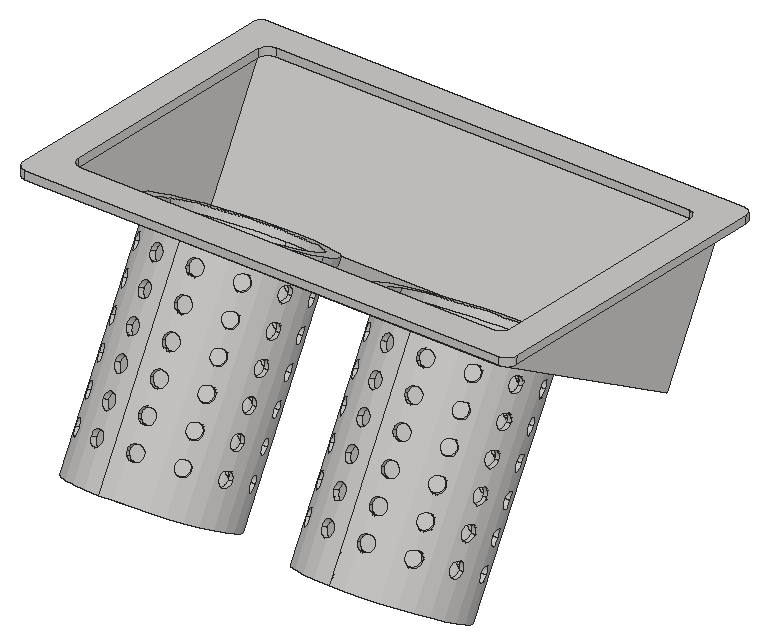
Revit family "QF_Vollrath_FMF-2", category Specialty Equipment, Revit 2016
Family settings
  Part Type = Normal
  Round Connector Dimension = Use Diameter
  OmniClass Number = 23.40.40.14.24
  OmniClass Title = Food Dispensing Equipment
  Work Plane-Based = Yes
  Always vertical = No
  Cut with Voids When Loaded = Yes
  Shared = No
  Room Calculation Point = No
Parameters
  Width = 12.12"
  Weight in Pounds = 0
  Watermarked By = ""
  URL Cutsheet = ""
  URL = "www.vollrath.com"
  Specification by User [instance] = ""
  Specification by Manufacturer [instance] = ""
  Serial Number [instance] = ""
  Revision Code [instance] = ""
  NAFEM Spec ID Number [instance] = ""
  Model = "FMF-2"
  Material = QF_Plastic-Dark Gray
  Masterspec [instance] = ""
  Manufacturer = "Vollrath"
  Item Number [instance] = "-"
  Installed By [instance] = ""
  Height = 7.50"
  Furnished By [instance] = ""
  Foodservice Equipment Identifier = yes
  Description = "Flatware Dispenser"
  Depth = 7.50"
  Default Elevation = 48.00"
  CSI MasterFormat = ""
Reference planes (in)
  plane 1 "BACK": y = 0
  plane 2 "BOTTOM": z = 0
  plane 3 "LEFT": x = -16.56573
  plane 4 "RIGHT": x = -4.44573
  plane 5 "CENTER L/R": x = -10.50573
  plane 6 "FRONT": y = -7.5
  plane 7: y = -3.75
  plane 8 "Inner Left": x = -16.16573
  plane 9 "Inner Right": x = -4.84573
  plane 10: x = -13.33573
  plane 11: x = -7.67573
  plane 12 "TOP": z = 0.18
  plane 13 "Bottom of Holders": z = -8
  plane 14: z = -3
Forms (in)
  Extrusion 1, void
    sketch origin (0, 0, -8) x (0, 1, 0) y (-1, 0, 0)
      loop
        arc (0, 16.31573) -> (-0.07322, 16.4925) -> (-0.25, 16.56573) r 0.25
        line (-0.25, 16.56573) -> (-7.25, 16.56573)
        arc (-7.25, 16.56573) -> (-7.42678, 16.4925) -> (-7.5, 16.31573) r 0.25
        line (-7.5, 16.31573) -> (-7.5, 4.69573)
        arc (-7.5, 4.69573) -> (-7.42678, 4.51895) -> (-7.25, 4.44573) r 0.25
        line (-7.25, 4.44573) -> (-0.25, 4.44573)
        arc (-0.25, 4.44573) -> (-0.07322, 4.51895) -> (0, 4.69573) r 0.25
        line (0, 4.69573) -> (0, 16.31573)
    from 0 to 8.18
  Extrusion 2, solid, material "QF_Stainless-Polished"
    sketch origin (0, 0, 0) x (1, 0, 0) y (0, 1, 0)
      loop
        arc (-16.31573, 0) -> (-16.4925, -0.07322) -> (-16.56573, -0.25) r 0.25
        line (-16.56573, -0.25) -> (-16.56573, -7.25)
        arc (-16.56573, -7.25) -> (-16.4925, -7.42678) -> (-16.31573, -7.5) r 0.25
        line (-16.31573, -7.5) -> (-4.69573, -7.5)
        arc (-4.69573, -7.5) -> (-4.51895, -7.42678) -> (-4.44573, -7.25) r 0.25
        line (-4.44573, -7.25) -> (-4.44573, -0.25)
        arc (-4.44573, -0.25) -> (-4.51895, -0.07322) -> (-4.69573, 0) r 0.25
        line (-4.69573, 0) -> (-16.31573, 0)
      loop
        arc (-15.56573, -0.75) -> (-15.7425, -0.82322) -> (-15.81573, -1) r 0.25
        line (-15.81573, -1) -> (-15.81573, -6.5)
        arc (-15.81573, -6.5) -> (-15.7425, -6.67678) -> (-15.56573, -6.75) r 0.25
        line (-15.56573, -6.75) -> (-5.44573, -6.75)
        arc (-5.44573, -6.75) -> (-5.26895, -6.67678) -> (-5.19573, -6.5) r 0.25
        line (-5.19573, -6.5) -> (-5.19573, -1)
        arc (-5.19573, -1) -> (-5.26895, -0.82322) -> (-5.44573, -0.75) r 0.25
        line (-5.44573, -0.75) -> (-15.56573, -0.75)
    from 0 to 0.18
  Extrusion 3, solid, material "QF_Stainless-Polished"
    sketch origin (-16.16573, 0, 0) x (0, 1, 0) y (0, 0, 1)
      loop
        line (-0.5, 0) -> (-0.7058, 0) -> (-2.23306, -2.75525) -> (-7.20366, 0) -> (-7.29093, 0) -> (-7.29093, -0.15743) -> (-2.1629, -2.99995) -> (-0.5, 0)
    from 0 to 11.32
  Extrusion 4, solid, material "QF_Stainless-Polished"
    sketch origin (-16.16573, 0, 0) x (0, 1, 0) y (0, 0, 1)
      loop
        line (-0.5, 0) -> (-7.29093, 0) -> (-7.29093, -0.15743) -> (-2.1629, -2.99995) -> (-0.5, 0)
    from 0 to 0.18
  Extrusion 5, solid, material "QF_Stainless-Polished"
    sketch origin (-4.84573, 0, 0) x (0, 1, 0) y (0, 0, 1)
      loop
        line (-0.5, 0) -> (-7.29093, 0) -> (-7.29093, -0.15743) -> (-2.1629, -2.99995) -> (-0.5, 0)
    from 0 to -0.18
  Extrusion 6, void
    sketch origin (-16.16573, -2.07563, -2.84251) x (0, 0.87462, -0.48481) y (1, 0, 0)
      loop
        circle (-3.02158, 2.83) r 2.0225
      loop
        circle (-3.02158, 8.49) r 2.0225
    from 0 to 0.58974
Cuts and joins
  Extrusion 6 cuts Extrusion 3
  Extrusion 6 cuts Extrusion 4
  Extrusion 6 cuts Extrusion 5
  joined: Extrusion 3, Extrusion 4, Extrusion 5
Lines and regions (in)
  symbolic lines, style "QF_Details_Surface"
    curve 1: spline (-15.35793, -4.69876, 0) -> (-15.284, -4.24492, 0) -> (-15.07924, -3.82293, 0) -> (-14.7574, -3.46114, 0) -> (-14.34011, -3.18383, 0) -> (-13.85536, -3.00963, 0) -> (-13.33573, -2.95023, 0) -> (-12.81609, -3.00963, 0) -> (-12.33135, -3.18383, 0) -> (-11.91405, -3.46114, 0) -> (-11.59221, -3.82293, 0) -> (-11.38746, -4.24492, 0) -> (-11.31353, -4.69876, 0)
    curve 2: spline (-11.31353, -4.69876, 0) -> (-11.38243, -5.15673, 0) -> (-11.58445, -5.58348, 0) -> (-11.90581, -5.94995, 0) -> (-12.32463, -6.23115, 0) -> (-12.81234, -6.40791, 0) -> (-13.33573, -6.46821, 0) -> (-13.85911, -6.40791, 0) -> (-14.34683, -6.23115, 0) -> (-14.76564, -5.94995, 0) -> (-15.087, -5.58348, 0) -> (-15.28902, -5.15673, 0) -> (-15.35793, -4.69876, 0)
    curve 3: spline (-5.65353, -4.69876, 0) -> (-5.72746, -4.24492, 0) -> (-5.93221, -3.82293, 0) -> (-6.25405, -3.46114, 0) -> (-6.67135, -3.18383, 0) -> (-7.15609, -3.00963, 0) -> (-7.67573, -2.95023, 0) -> (-8.19536, -3.00963, 0) -> (-8.68011, -3.18383, 0) -> (-9.0974, -3.46114, 0) -> (-9.41924, -3.82293, 0) -> (-9.624, -4.24492, 0) -> (-9.69793, -4.69876, 0)
    curve 4: spline (-9.69793, -4.69876, 0) -> (-9.62902, -5.15673, 0) -> (-9.427, -5.58348, 0) -> (-9.10564, -5.94995, 0) -> (-8.68683, -6.23115, 0) -> (-8.19911, -6.40791, 0) -> (-7.67573, -6.46821, 0) -> (-7.15234, -6.40791, 0) -> (-6.66463, -6.23115, 0) -> (-6.24581, -5.94995, 0) -> (-5.92445, -5.58348, 0) -> (-5.72243, -5.15673, 0) -> (-5.65353, -4.69876, 0)
  symbolic lines
    curve 5: line (-16.31573, 0, 0) -> (-4.69573, 0, 0)
    curve 6: line (-16.56573, -7.25, 0) -> (-16.56573, -0.25, 0)
    curve 7: line (-4.69573, -7.5, 0) -> (-16.31573, -7.5, 0)
    curve 8: line (-4.44573, -0.25, 0) -> (-4.44573, -7.25, 0)
    curve 9: arc (-4.69573, -7.5, 0) -> (-4.51895, -7.42678, 0) -> (-4.44573, -7.25, 0) r 0.25
    curve 10: arc (-4.44573, -0.25, 0) -> (-4.51895, -0.07322, 0) -> (-4.69573, 0, 0) r 0.25
    curve 11: arc (-16.31573, 0, 0) -> (-16.4925, -0.07322, 0) -> (-16.56573, -0.25, 0) r 0.25
    curve 12: arc (-16.56573, -7.25, 0) -> (-16.4925, -7.42678, 0) -> (-16.31573, -7.5, 0) r 0.25
    curve 13: line (-15.56573, -0.75, 0) -> (-5.44573, -0.75, 0)
    curve 14: arc (-15.81573, -1, 0) -> (-15.7425, -0.82322, 0) -> (-15.56573, -0.75, 0) r 0.25
    curve 15: line (-15.81573, -6.5, 0) -> (-15.81573, -1, 0)
    curve 16: arc (-15.56573, -6.75, 0) -> (-15.7425, -6.67678, 0) -> (-15.81573, -6.5, 0) r 0.25
    curve 17: line (-5.44573, -6.75, 0) -> (-15.56573, -6.75, 0)
    curve 18: arc (-5.19573, -6.5, 0) -> (-5.26895, -6.67678, 0) -> (-5.44573, -6.75, 0) r 0.25
    curve 19: line (-5.19573, -1, 0) -> (-5.19573, -6.5, 0)
    curve 20: arc (-5.44573, -0.75, 0) -> (-5.26895, -0.82322, 0) -> (-5.19573, -1, 0) r 0.25
Dimensions and locks (in)
  "Width": plane 3 "LEFT" to plane 4 "RIGHT"
  equal spacing: plane 3 "LEFT", plane 5 "CENTER L/R", plane 4 "RIGHT"
  "Depth": plane 1 "BACK" to plane 6 "FRONT"
  plane 3 "LEFT" to plane 8 "Inner Left" = 0.40"
  plane 9 "Inner Right" to plane 4 "RIGHT" = 0.40"
  equal spacing: plane 8 "Inner Left", plane 10, plane 5 "CENTER L/R"
  equal spacing: plane 5 "CENTER L/R", plane 11, plane 9 "Inner Right"
  locked: plane 12 "TOP" to level at 0.18
  level to plane 13 "Bottom of Holders" = 8.00"
  locked: Extrusion 2 sketch curve to plane 1 "BACK" at 0.75
  locked: plane 3 "LEFT" to Extrusion 2 sketch curve at 0.75
  locked: Extrusion 2 sketch curve to plane 4 "RIGHT" at 0.75
  locked: Extrusion 2 sketch curve to plane 6 "FRONT" at 0.75
  equal spacing: plane 1 "BACK", plane 7, plane 6 "FRONT"
  level to plane 14 = 3.00"
  aligned and locked: level to plane 2 "BOTTOM"
  aligned and locked: Extrusion 1 sketch curve to plane 4 "RIGHT"
  aligned and locked: plane 1 "BACK" to Extrusion 2 sketch curve
  aligned and locked: plane 3 "LEFT" to Extrusion 2 sketch curve
  aligned and locked: plane 6 "FRONT" to Extrusion 2 sketch curve
  aligned and locked: Extrusion 2 sketch curve to plane 4 "RIGHT"
  aligned and locked: plane 12 "TOP" to Extrusion 2
  aligned and locked: plane 9 "Inner Right" to Extrusion 3
Automatic sketch dimensions
  Extrusion 3 sketch curve to level = 0.00"  (x2)
  plane 6 "FRONT" to Extrusion 3 sketch curve = 0.20907"
  Extrusion 3 sketch curve to Extrusion 3 sketch curve = 0.08727"
  plane 14 to Extrusion 3 sketch curve = 0.24475"
  plane 14 to Extrusion 3 sketch curve = 0.00005"
  Extrusion 3 sketch curve to Extrusion 3 sketch curve = 0.07017"
  plane 7 to Extrusion 3 sketch curve = 1.51694"
  Extrusion 3 sketch curve to Extrusion 3 sketch curve = 0.2058"
  Extrusion 4 sketch curve to level = 0.00"
  plane 6 "FRONT" to Extrusion 4 sketch curve = 0.20907"
  plane 14 to Extrusion 4 sketch curve = 0.00005"
  plane 7 to Extrusion 4 sketch curve = 1.5871"
  Extrusion 4 sketch curve to Extrusion 4 sketch curve = 0.15743"
  Extrusion 5 sketch curve to level = 0.00"
  plane 6 "FRONT" to Extrusion 5 sketch curve = 0.20907"
  plane 14 to Extrusion 5 sketch curve = 0.00005"
  plane 7 to Extrusion 5 sketch curve = 1.5871"
  Extrusion 5 sketch curve to Extrusion 5 sketch curve = 0.15743"
  Extrusion 1 sketch curve to plane 6 "FRONT" = 0.00"
  Extrusion 1 sketch curve to plane 3 "LEFT" = 0.00"
  plane 1 "BACK" to Extrusion 1 sketch curve = 0.00"
  plane 6 "FRONT" to Extrusion 1 sketch curve = 0.25"  (x2)
  plane 9 "Inner Right" to Extrusion 1 sketch curve = 0.15"
  plane 1 "BACK" to Extrusion 1 sketch curve = 0.25"
  Extrusion 2 sketch curve to plane 8 "Inner Left" = 0.15"  (x2)
  Extrusion 2 sketch curve to Extrusion 2 sketch curve = 0.25"  (x4)
  plane 9 "Inner Right" to Extrusion 2 sketch curve = 0.15"  (x2)
  curve 6 to plane 3 "LEFT" = 0.00"
  curve 7 to plane 6 "FRONT" = 0.00"
  plane 1 "BACK" to curve 11 = 0.00"
  curve 2 to plane 10 = 0.00"
  curve 3 to plane 11 = 0.00"
  curve 10 to plane 4 "RIGHT" = 0.00"
  curve 11 to plane 8 "Inner Left" = 0.15"
  curve 12 to plane 8 "Inner Left" = 0.15"
  plane 9 "Inner Right" to curve 9 = 0.15"
  plane 9 "Inner Right" to curve 10 = 0.15"
  plane 8 "Inner Left" to curve 2 = 0.8078"
  curve 1 to curve 1 = 0.00014"
  plane 5 "CENTER L/R" to curve 3 = 0.80766"
  curve 3 to curve 3 = 0.00014"
  curve 1 to plane 7 = 0.9693"
  curve 3 to plane 7 = 0.9693"
  curve 3 to curve 4 = 0.02055"
  curve 1 to curve 1 = 0.02055"
  plane 8 "Inner Left" to curve 14 = 0.60"
  plane 1 "BACK" to curve 14 = 1.00"
  curve 14 to curve 13 = 0.25"
  curve 12 to curve 15 = 0.75"
  curve 15 to curve 16 = 0.25"
  curve 17 to plane 9 "Inner Right" = 0.60"
  curve 17 to curve 18 = 0.25"
  curve 19 to curve 13 = 0.25"
  Extrusion 6 sketch curve to Extrusion 3 = 2.84158"  (x2)
  Extrusion 6 sketch curve to Extrusion 3 = 2.83"  (x2)
  Extrusion 6 sketch curve to Extrusion 3 = 0.8075"
  Extrusion 6 sketch curve to Extrusion 6 sketch curve = 0.00"  (x2)
  Extrusion 6 sketch curve to Extrusion 6 sketch curve = 1.615"
Nested families (in)
  nested 1: "QF_Vollrath_Flatware Cylinder-1" at (3.23, -4.71836, -1.37762) x (1, 0, 0) z (0, 0.4848, 0.8746), type "QF_Vollrath_Flatware Cylinder-1"
    with Outer Lid Radius 2.0225", Material QF_Stainless-Polished, Lower Outer Radius 1.835", Inner Radius 1.71"
  nested 2: "QF_Vollrath_Flatware Cylinder-1" at (-24.24145, -4.71836, -1.37762) x (-1, 0, 0) z (0, 0.4848, 0.8746), type "QF_Vollrath_Flatware Cylinder-1"
    with Outer Lid Radius 2.0225", Material QF_Stainless-Polished, Lower Outer Radius 1.835", Inner Radius 1.71"
Definition of nested family "QF_Vollrath_Flatware Cylinder-1"
  Parameters
    Watermarked By = ""
    Outer Lid Radius [instance] = Inner Radius + 0.3125"  # 2.1875"
    Material [instance] = none
    Lower Outer Radius [instance] = Inner Radius + 0.125"  # 2.00"
    Inner Radius [instance] = 1.875"
    Default Elevation = 48.00"
  Reference planes (in)
    plane 1 "BACK": y = 0
    plane 2: z = 0
    plane 3 "LEFT": x = -16.56573
    plane 4 "TOP": z = 0.1875
    plane 5 "BOTTOM": z = -5.4504
  Forms (in)
    Extrusion 1, solid, material <- "Material"
      sketch origin (0, 0, 0) x (1, 0, 0) y (0, 1, 0)
        loop
          circle (-16.56573, 0) r 2.1875
        loop
          circle (-16.56573, 0) r 1.875
      from 0 to 0.1875
    Extrusion 2, solid, material <- "Material"
      sketch origin (0, 0, -5.4504) x (0, 1, 0) y (-1, 0, 0)
        loop
          circle (0, 16.56573) r 1.875
        loop
          circle (0, 16.56573) r 2
      from 0 to 5.4504
    Extrusion 3, solid, material <- "Material"
      sketch origin (0, 0, -5.4504) x (0, 1, 0) y (-1, 0, 0)
        loop
          circle (0, 16.56573) r 1.875
      from 0 to 0.125
    Extrusion 4, void
      sketch origin (-0.56446, -4.28753, 0) x (0.965926, -0.258819, 0) y (0, 0, 1)
        loop
          circle (-16.56573, -0.6875) r 0.1875
        loop
          circle (-16.56573, -1.4375) r 0.1875
        loop
          circle (-16.56573, -2.1875) r 0.1875
        loop
          circle (-16.56573, -2.9375) r 0.1875
        loop
          circle (-16.56573, -3.6875) r 0.1875
        loop
          circle (-16.56573, -4.4375) r 0.1875
      from -12 to 12
    Extrusion 5, void
      sketch origin (-4.85199, -11.71374, 0) x (0.707107, -0.707107, 0) y (0, 0, 1)
        loop
          circle (-16.56573, -0.6875) r 0.1875
        loop
          circle (-16.56573, -1.4375) r 0.1875
        loop
          circle (-16.56573, -2.1875) r 0.1875
        loop
          circle (-16.56573, -2.9375) r 0.1875
        loop
          circle (-16.56573, -3.6875) r 0.1875
        loop
          circle (-16.56573, -4.4375) r 0.1875
      from -12 to 12
    Extrusion 6, void
      sketch origin (-12.2782, -16.00126, 0) x (0.258819, -0.965926, 0) y (0, 0, 1)
        loop
          circle (-16.56573, -0.6875) r 0.1875
        loop
          circle (-16.56573, -1.4375) r 0.1875
        loop
          circle (-16.56573, -2.1875) r 0.1875
        loop
          circle (-16.56573, -2.9375) r 0.1875
        loop
          circle (-16.56573, -3.6875) r 0.1875
        loop
          circle (-16.56573, -4.4375) r 0.1875
      from -12 to 12
    Extrusion 7, void
      sketch origin (-20.85325, -16.00126, 0) x (-0.258819, -0.965926, 0) y (0, 0, 1)
        loop
          circle (-16.56573, -0.6875) r 0.1875
        loop
          circle (-16.56573, -1.4375) r 0.1875
        loop
          circle (-16.56573, -2.1875) r 0.1875
        loop
          circle (-16.56573, -2.9375) r 0.1875
        loop
          circle (-16.56573, -3.6875) r 0.1875
        loop
          circle (-16.56573, -4.4375) r 0.1875
      from -12 to 12
    Extrusion 8, void
      sketch origin (-28.27946, -11.71374, 0) x (-0.707107, -0.707107, 0) y (0, 0, 1)
        loop
          circle (-16.56573, -0.6875) r 0.1875
        loop
          circle (-16.56573, -1.4375) r 0.1875
        loop
          circle (-16.56573, -2.1875) r 0.1875
        loop
          circle (-16.56573, -2.9375) r 0.1875
        loop
          circle (-16.56573, -3.6875) r 0.1875
        loop
          circle (-16.56573, -4.4375) r 0.1875
      from -12 to 12
    Extrusion 9, void
      sketch origin (-32.56699, -4.28753, 0) x (-0.965926, -0.258819, 0) y (0, 0, 1)
        loop
          circle (-16.56573, -0.6875) r 0.1875
        loop
          circle (-16.56573, -1.4375) r 0.1875
        loop
          circle (-16.56573, -2.1875) r 0.1875
        loop
          circle (-16.56573, -2.9375) r 0.1875
        loop
          circle (-16.56573, -3.6875) r 0.1875
        loop
          circle (-16.56573, -4.4375) r 0.1875
      from -12 to 12
  Cuts and joins
    Extrusion 4, Extrusion 5, Extrusion 6, Extrusion 7, Extrusion 8, Extrusion 9 cuts Extrusion 1
    Extrusion 4, Extrusion 5, Extrusion 6, Extrusion 7, Extrusion 8, Extrusion 9 cuts Extrusion 2
    joined: Extrusion 1, Extrusion 2
  Lines and regions (in)
    symbolic lines
      curve 1: arc (-14.37823, 0, -5.4504) -> (-16.56573, 2.1875, -5.4504) -> (-18.75323, 0, -5.4504) r 2.1875
      curve 2: arc (-18.75323, 0, -5.4504) -> (-16.56573, -2.1875, -5.4504) -> (-14.37823, 0, -5.4504) r 2.1875
      curve 3: arc (-14.69073, 0, -5.4504) -> (-16.56573, -1.875, -5.4504) -> (-18.44073, 0, -5.4504) r 1.875
      curve 4: arc (-18.44073, 0, -5.4504) -> (-16.56573, 1.875, -5.4504) -> (-14.69073, 0, -5.4504) r 1.875
  Dimensions and locks (in)
    locked: plane 4 "TOP" to level at 0.1875
    locked: level to plane 5 "BOTTOM" at 5.4504
    "Outer Lid Radius": radius of Extrusion 1 sketch curve
    "Inner Radius": radius of Extrusion 1 sketch curve
    "Inner Radius": radius of Extrusion 2 sketch curve
    "Lower Outer Radius": radius of Extrusion 2 sketch curve
    "Inner Radius": radius of Extrusion 3 sketch curve
    aligned and locked: level to plane 2
    aligned and locked: plane 4 "TOP" to Extrusion 1
    aligned and locked: level to Extrusion 2
    aligned and locked: curve 1 to cut or joined group 1 (Extrusion 1, Extrusion 2, Extrusion 4, Extrusion 5, Extrusion 6, Extrusion 7, Extrusion 8, Extrusion 9)
    aligned and locked: curve 2 to cut or joined group 1
    aligned and locked: curve 3 to cut or joined group 1
    aligned and locked: curve 4 to cut or joined group 1
  Automatic sketch dimensions
    Extrusion 4 sketch curve to level = 1.4375"
    Extrusion 4 sketch curve to Extrusion 4 sketch curve = 0.00"  (x5)
    Extrusion 4 sketch curve to Extrusion 4 sketch curve = 0.75"  (x4)
    Extrusion 4 sketch curve to level = 0.6875"
    Extrusion 5 sketch curve to level = 1.4375"
    Extrusion 5 sketch curve to Extrusion 5 sketch curve = 0.00"  (x5)
    Extrusion 5 sketch curve to Extrusion 5 sketch curve = 0.75"  (x4)
    Extrusion 5 sketch curve to level = 0.6875"
    Extrusion 6 sketch curve to level = 1.4375"
    Extrusion 6 sketch curve to Extrusion 6 sketch curve = 0.00"  (x5)
    Extrusion 6 sketch curve to Extrusion 6 sketch curve = 0.75"  (x4)
    Extrusion 6 sketch curve to level = 0.6875"
    Extrusion 7 sketch curve to level = 1.4375"
    Extrusion 7 sketch curve to Extrusion 7 sketch curve = 0.00"  (x5)
    Extrusion 7 sketch curve to Extrusion 7 sketch curve = 0.75"  (x4)
    Extrusion 7 sketch curve to level = 0.6875"
    Extrusion 8 sketch curve to level = 1.4375"
    Extrusion 8 sketch curve to Extrusion 8 sketch curve = 0.00"  (x5)
    Extrusion 8 sketch curve to Extrusion 8 sketch curve = 0.75"  (x4)
    Extrusion 8 sketch curve to level = 0.6875"
    Extrusion 9 sketch curve to level = 1.4375"
    Extrusion 9 sketch curve to Extrusion 9 sketch curve = 0.00"  (x5)
    Extrusion 9 sketch curve to Extrusion 9 sketch curve = 0.75"  (x4)
    Extrusion 9 sketch curve to level = 0.6875"
    Extrusion 1 sketch curve to Extrusion 1 sketch curve = 0.00"  (x2)
    plane 1 "BACK" to Extrusion 1 sketch curve = 0.00"
    Extrusion 1 sketch curve to plane 3 "LEFT" = 0.00"
    Extrusion 2 sketch curve to Extrusion 2 sketch curve = 0.00"  (x2)
    plane 1 "BACK" to Extrusion 2 sketch curve = 0.00"
    Extrusion 2 sketch curve to plane 3 "LEFT" = 0.00"
    plane 1 "BACK" to Extrusion 3 sketch curve = 0.00"
    Extrusion 3 sketch curve to plane 3 "LEFT" = 0.00"
    radius of Extrusion 4 sketch curve = 0.1875"  (x6)
    radius of Extrusion 5 sketch curve = 0.1875"  (x6)
    radius of Extrusion 6 sketch curve = 0.1875"  (x6)
    radius of Extrusion 7 sketch curve = 0.1875"  (x6)
    radius of Extrusion 8 sketch curve = 0.1875"  (x6)
    radius of Extrusion 9 sketch curve = 0.1875"  (x6)
